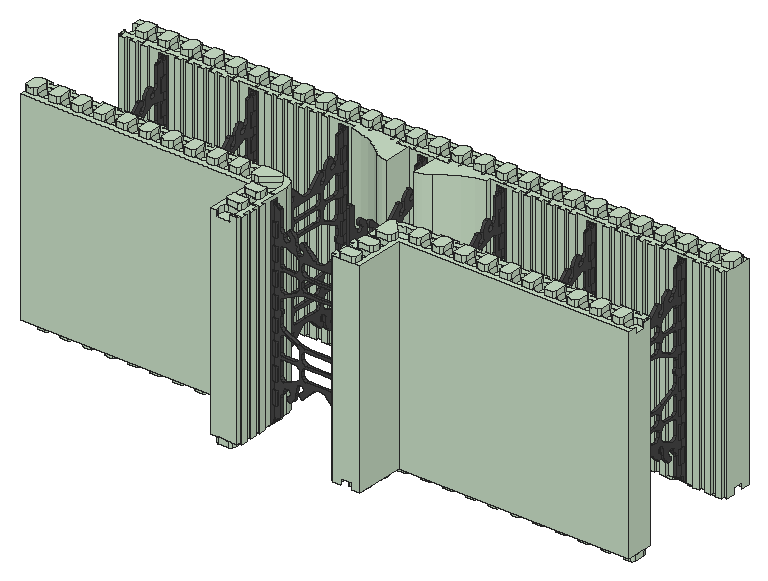
Revit family (continued)
Forms (mm)
  Extrusion 52, void
    sketch origin (50.977, 0.272, 0) x (0, -1, 0) y (1, 0, 0)
      loop
        arc (-96.698, -658.708) -> (-96.199, -658.394) -> (-95.62, -658.285) r 1.588
        line (-95.62, -658.285) -> (-86.829, -658.285) -> (-86.829, -653.946) -> (-92.457, -653.946)
        arc (-92.457, -653.946) -> (-93.668, -653.385) -> (-94.024, -652.1) r 1.588
        arc (-94.024, -652.1) -> (-93.737, -645.691) -> (-94.972, -639.396) r 26.988
        arc (-94.972, -639.396) -> (-97.278, -636.215) -> (-101.014, -635) r 6.35
        line (-101.014, -635) -> (-124.411, -635)
        arc (-124.411, -635) -> (-128.147, -636.215) -> (-130.453, -639.396) r 6.35
    from 457.2 to 444.5
  Extrusion 53, void
    sketch origin (101.777, 0.272, 0) x (0, -1, 0) y (1, 0, 0)
      loop
        arc (-130.453, -639.396) -> (-131.763, -647.7) -> (-130.453, -656.003) r 26.987
        arc (-130.453, -656.003) -> (-128.147, -659.184) -> (-124.411, -660.4) r 6.35
        line (-124.411, -660.4) -> (-101.014, -660.4)
        arc (-101.014, -660.4) -> (-98.696, -659.961) -> (-96.698, -658.708) r 6.35
        arc (-96.698, -658.708) -> (-96.199, -658.394) -> (-95.62, -658.285) r 1.588
        line (-95.62, -658.285) -> (-86.829, -658.285) -> (-86.829, -653.946) -> (-92.457, -653.946)
        arc (-92.457, -653.946) -> (-93.668, -653.385) -> (-94.024, -652.1) r 1.588
        arc (-94.024, -652.1) -> (-93.737, -645.691) -> (-94.972, -639.396) r 26.988
        arc (-94.972, -639.396) -> (-97.278, -636.215) -> (-101.014, -635) r 6.35
        line (-101.014, -635) -> (-124.411, -635)
        arc (-124.411, -635) -> (-128.147, -636.215) -> (-130.453, -639.396) r 6.35
    from 457.2 to 444.5
  Extrusion 54, void
    sketch origin (-914.222, -50.527, 0) x (0, 1, 0) y (-1, 0, 0)
      loop
        arc (-130.453, -639.396) -> (-131.763, -647.7) -> (-130.453, -656.003) r 26.987
        arc (-130.453, -656.003) -> (-128.147, -659.184) -> (-124.411, -660.4) r 6.35
        line (-124.411, -660.4) -> (-101.014, -660.4)
        arc (-101.014, -660.4) -> (-98.696, -659.961) -> (-96.698, -658.708) r 6.35
        arc (-96.698, -658.708) -> (-96.199, -658.394) -> (-95.62, -658.285) r 1.588
        line (-95.62, -658.285) -> (-86.829, -658.285) -> (-86.829, -653.946) -> (-92.457, -653.946)
        arc (-92.457, -653.946) -> (-93.668, -653.385) -> (-94.024, -652.1) r 1.588
        arc (-94.024, -652.1) -> (-93.737, -645.691) -> (-94.972, -639.396) r 26.988
        arc (-94.972, -639.396) -> (-97.278, -636.215) -> (-101.014, -635) r 6.35
        line (-101.014, -635) -> (-124.411, -635)
        arc (-124.411, -635) -> (-128.147, -636.215) -> (-130.453, -639.396) r 6.35
    from 457.2 to 444.5
  Extrusion 55, void
    sketch origin (-965.022, -50.527, 0) x (0, 1, 0) y (-1, 0, 0)
      loop
        arc (-130.453, -639.396) -> (-131.763, -647.7) -> (-130.453, -656.003) r 26.987
        arc (-130.453, -656.003) -> (-128.147, -659.184) -> (-124.411, -660.4) r 6.35
        line (-124.411, -660.4) -> (-101.014, -660.4)
        arc (-101.014, -660.4) -> (-98.696, -659.961) -> (-96.698, -658.708) r 6.35
        arc (-96.698, -658.708) -> (-96.199, -658.394) -> (-95.62, -658.285) r 1.588
        line (-95.62, -658.285) -> (-86.829, -658.285) -> (-86.829, -653.946) -> (-92.457, -653.946)
        arc (-92.457, -653.946) -> (-93.668, -653.385) -> (-94.024, -652.1) r 1.588
        arc (-94.024, -652.1) -> (-93.737, -645.691) -> (-94.972, -639.396) r 26.988
        arc (-94.972, -639.396) -> (-97.278, -636.215) -> (-101.014, -635) r 6.35
        line (-101.014, -635) -> (-124.411, -635)
        arc (-124.411, -635) -> (-128.147, -636.215) -> (-130.453, -639.396) r 6.35
    from 457.2 to 444.5
  Extrusion 56, void
    sketch origin (-1015.822, -50.527, 0) x (0, 1, 0) y (-1, 0, 0)
      loop
        arc (-130.453, -639.396) -> (-131.763, -647.7) -> (-130.453, -656.003) r 26.987
        arc (-130.453, -656.003) -> (-128.147, -659.184) -> (-124.411, -660.4) r 6.35
        line (-124.411, -660.4) -> (-101.014, -660.4)
        arc (-101.014, -660.4) -> (-98.696, -659.961) -> (-96.698, -658.708) r 6.35
        arc (-96.698, -658.708) -> (-96.199, -658.394) -> (-95.62, -658.285) r 1.588
        line (-95.62, -658.285) -> (-86.829, -658.285) -> (-86.829, -653.946) -> (-92.457, -653.946)
        arc (-92.457, -653.946) -> (-93.668, -653.385) -> (-94.024, -652.1) r 1.588
        arc (-94.024, -652.1) -> (-93.737, -645.691) -> (-94.972, -639.396) r 26.988
        arc (-94.972, -639.396) -> (-97.278, -636.215) -> (-101.014, -635) r 6.35
        line (-101.014, -635) -> (-124.411, -635)
        arc (-124.411, -635) -> (-128.147, -636.215) -> (-130.453, -639.396) r 6.35
    from 457.2 to 444.5
  Extrusion 57, void
    sketch origin (-1066.622, -50.527, 0) x (0, 1, 0) y (-1, 0, 0)
      loop
        arc (-130.453, -639.396) -> (-131.763, -647.7) -> (-130.453, -656.003) r 26.987
        arc (-130.453, -656.003) -> (-128.147, -659.184) -> (-124.411, -660.4) r 6.35
        line (-124.411, -660.4) -> (-101.014, -660.4)
        arc (-101.014, -660.4) -> (-98.696, -659.961) -> (-96.698, -658.708) r 6.35
        arc (-96.698, -658.708) -> (-96.199, -658.394) -> (-95.62, -658.285) r 1.588
        line (-95.62, -658.285) -> (-86.829, -658.285) -> (-86.829, -653.946) -> (-92.457, -653.946)
        arc (-92.457, -653.946) -> (-93.668, -653.385) -> (-94.024, -652.1) r 1.588
        arc (-94.024, -652.1) -> (-93.737, -645.691) -> (-94.972, -639.396) r 26.988
        arc (-94.972, -639.396) -> (-97.278, -636.215) -> (-101.014, -635) r 6.35
        line (-101.014, -635) -> (-124.411, -635)
        arc (-124.411, -635) -> (-128.147, -636.215) -> (-130.453, -639.396) r 6.35
    from 457.2 to 444.5
  Extrusion 58, void
    sketch origin (-1117.422, -50.527, 0) x (0, 1, 0) y (-1, 0, 0)
      loop
        arc (-130.453, -639.396) -> (-131.763, -647.7) -> (-130.453, -656.003) r 26.987
        arc (-130.453, -656.003) -> (-128.147, -659.184) -> (-124.411, -660.4) r 6.35
        line (-124.411, -660.4) -> (-101.014, -660.4)
        arc (-101.014, -660.4) -> (-98.696, -659.961) -> (-96.698, -658.708) r 6.35
        arc (-96.698, -658.708) -> (-96.199, -658.394) -> (-95.62, -658.285) r 1.588
        line (-95.62, -658.285) -> (-86.829, -658.285) -> (-86.829, -653.946) -> (-92.457, -653.946)
        arc (-92.457, -653.946) -> (-93.668, -653.385) -> (-94.024, -652.1) r 1.588
        arc (-94.024, -652.1) -> (-93.737, -645.691) -> (-94.972, -639.396) r 26.988
        arc (-94.972, -639.396) -> (-97.278, -636.215) -> (-101.014, -635) r 6.35
        line (-101.014, -635) -> (-124.411, -635)
        arc (-124.411, -635) -> (-128.147, -636.215) -> (-130.453, -639.396) r 6.35
    from 457.2 to 444.5
  Extrusion 59, void
    sketch origin (-1168.222, -50.527, 0) x (0, 1, 0) y (-1, 0, 0)
      loop
        arc (-130.453, -639.396) -> (-131.763, -647.7) -> (-130.453, -656.003) r 26.987
        arc (-130.453, -656.003) -> (-128.147, -659.184) -> (-124.411, -660.4) r 6.35
        line (-124.411, -660.4) -> (-101.014, -660.4)
        arc (-101.014, -660.4) -> (-98.696, -659.961) -> (-96.698, -658.708) r 6.35
        arc (-96.698, -658.708) -> (-96.199, -658.394) -> (-95.62, -658.285) r 1.588
        line (-95.62, -658.285) -> (-86.829, -658.285) -> (-86.829, -653.946) -> (-92.457, -653.946)
        arc (-92.457, -653.946) -> (-93.668, -653.385) -> (-94.024, -652.1) r 1.588
        arc (-94.024, -652.1) -> (-93.737, -645.691) -> (-94.972, -639.396) r 26.988
        arc (-94.972, -639.396) -> (-97.278, -636.215) -> (-101.014, -635) r 6.35
        line (-101.014, -635) -> (-124.411, -635)
        arc (-124.411, -635) -> (-128.147, -636.215) -> (-130.453, -639.396) r 6.35
    from 457.2 to 444.5
  Extrusion 60, void
    sketch origin (-1219.022, -50.527, 0) x (0, 1, 0) y (-1, 0, 0)
      loop
        arc (-130.453, -639.396) -> (-131.763, -647.7) -> (-130.453, -656.003) r 26.987
        arc (-130.453, -656.003) -> (-128.147, -659.184) -> (-124.411, -660.4) r 6.35
        line (-124.411, -660.4) -> (-101.014, -660.4)
        arc (-101.014, -660.4) -> (-98.696, -659.961) -> (-96.698, -658.708) r 6.35
        arc (-96.698, -658.708) -> (-96.199, -658.394) -> (-95.62, -658.285) r 1.588
        line (-95.62, -658.285) -> (-86.829, -658.285) -> (-86.829, -653.946) -> (-92.457, -653.946)
        arc (-92.457, -653.946) -> (-93.668, -653.385) -> (-94.024, -652.1) r 1.588
        arc (-94.024, -652.1) -> (-93.737, -645.691) -> (-94.972, -639.396) r 26.988
        arc (-94.972, -639.396) -> (-97.278, -636.215) -> (-101.014, -635) r 6.35
        line (-101.014, -635) -> (-124.411, -635)
        arc (-124.411, -635) -> (-128.147, -636.215) -> (-130.453, -639.396) r 6.35
    from 457.2 to 444.5
  Extrusion 61, void
    sketch origin (-1269.822, -50.527, 0) x (0, 1, 0) y (-1, 0, 0)
      loop
        arc (-130.453, -639.396) -> (-131.763, -647.7) -> (-130.453, -656.003) r 26.987
        arc (-130.453, -656.003) -> (-128.147, -659.184) -> (-124.411, -660.4) r 6.35
        line (-124.411, -660.4) -> (-101.014, -660.4)
        arc (-101.014, -660.4) -> (-98.696, -659.961) -> (-96.698, -658.708) r 6.35
        arc (-96.698, -658.708) -> (-96.199, -658.394) -> (-95.62, -658.285) r 1.588
        line (-95.62, -658.285) -> (-86.829, -658.285) -> (-86.829, -653.946) -> (-92.457, -653.946)
        arc (-92.457, -653.946) -> (-93.668, -653.385) -> (-94.024, -652.1) r 1.588
        arc (-94.024, -652.1) -> (-93.737, -645.691) -> (-94.972, -639.396) r 26.988
        arc (-94.972, -639.396) -> (-97.278, -636.215) -> (-101.014, -635) r 6.35
        line (-101.014, -635) -> (-124.411, -635)
        arc (-124.411, -635) -> (-128.147, -636.215) -> (-130.453, -639.396) r 6.35
    from 457.2 to 444.5
  Extrusion 62, void
    sketch origin (-304.622, -50.527, 0) x (0, 1, 0) y (-1, 0, 0)
      loop
        arc (-130.453, -639.396) -> (-131.763, -647.7) -> (-130.453, -656.003) r 26.987
        arc (-130.453, -656.003) -> (-128.147, -659.184) -> (-124.411, -660.4) r 6.35
        line (-124.411, -660.4) -> (-101.014, -660.4)
        arc (-101.014, -660.4) -> (-98.696, -659.961) -> (-96.698, -658.708) r 6.35
        arc (-96.698, -658.708) -> (-96.199, -658.394) -> (-95.62, -658.285) r 1.588
        line (-95.62, -658.285) -> (-86.829, -658.285) -> (-86.829, -653.946) -> (-92.457, -653.946)
        arc (-92.457, -653.946) -> (-93.668, -653.385) -> (-94.024, -652.1) r 1.588
        arc (-94.024, -652.1) -> (-93.737, -645.691) -> (-94.972, -639.396) r 26.988
        arc (-94.972, -639.396) -> (-97.278, -636.215) -> (-101.014, -635) r 6.35
        line (-101.014, -635) -> (-124.411, -635)
        arc (-124.411, -635) -> (-128.147, -636.215) -> (-130.453, -639.396) r 6.35
    from 457.2 to 444.5
  Extrusion 63, void
    sketch origin (-253.822, -50.527, 0) x (0, 1, 0) y (-1, 0, 0)
      loop
        arc (-130.453, -639.396) -> (-131.763, -647.7) -> (-130.453, -656.003) r 26.987
        arc (-130.453, -656.003) -> (-128.147, -659.184) -> (-124.411, -660.4) r 6.35
        line (-124.411, -660.4) -> (-101.014, -660.4)
        arc (-101.014, -660.4) -> (-98.696, -659.961) -> (-96.698, -658.708) r 6.35
        arc (-96.698, -658.708) -> (-96.199, -658.394) -> (-95.62, -658.285) r 1.588
        line (-95.62, -658.285) -> (-86.829, -658.285) -> (-86.829, -653.946) -> (-92.457, -653.946)
        arc (-92.457, -653.946) -> (-93.668, -653.385) -> (-94.024, -652.1) r 1.588
        arc (-94.024, -652.1) -> (-93.737, -645.691) -> (-94.972, -639.396) r 26.988
        arc (-94.972, -639.396) -> (-97.278, -636.215) -> (-101.014, -635) r 6.35
        line (-101.014, -635) -> (-124.411, -635)
        arc (-124.411, -635) -> (-128.147, -636.215) -> (-130.453, -639.396) r 6.35
    from 457.2 to 444.5
  Extrusion 64, void
    sketch origin (-203.022, -50.527, 0) x (0, 1, 0) y (-1, 0, 0)
      loop
        arc (-130.453, -639.396) -> (-131.763, -647.7) -> (-130.453, -656.003) r 26.987
        arc (-130.453, -656.003) -> (-128.147, -659.184) -> (-124.411, -660.4) r 6.35
        line (-124.411, -660.4) -> (-101.014, -660.4)
        arc (-101.014, -660.4) -> (-98.696, -659.961) -> (-96.698, -658.708) r 6.35
        arc (-96.698, -658.708) -> (-96.199, -658.394) -> (-95.62, -658.285) r 1.588
        line (-95.62, -658.285) -> (-86.829, -658.285) -> (-86.829, -653.946) -> (-92.457, -653.946)
        arc (-92.457, -653.946) -> (-93.668, -653.385) -> (-94.024, -652.1) r 1.588
        arc (-94.024, -652.1) -> (-93.737, -645.691) -> (-94.972, -639.396) r 26.988
        arc (-94.972, -639.396) -> (-97.278, -636.215) -> (-101.014, -635) r 6.35
        line (-101.014, -635) -> (-124.411, -635)
        arc (-124.411, -635) -> (-128.147, -636.215) -> (-130.453, -639.396) r 6.35
    from 457.2 to 444.5
  Extrusion 65, void
    sketch origin (-152.222, -50.527, 0) x (0, 1, 0) y (-1, 0, 0)
      loop
        arc (-130.453, -639.396) -> (-131.763, -647.7) -> (-130.453, -656.003) r 26.987
        arc (-130.453, -656.003) -> (-128.147, -659.184) -> (-124.411, -660.4) r 6.35
        line (-124.411, -660.4) -> (-101.014, -660.4)
        arc (-101.014, -660.4) -> (-98.696, -659.961) -> (-96.698, -658.708) r 6.35
        arc (-96.698, -658.708) -> (-96.199, -658.394) -> (-95.62, -658.285) r 1.588
        line (-95.62, -658.285) -> (-86.829, -658.285) -> (-86.829, -653.946) -> (-92.457, -653.946)
        arc (-92.457, -653.946) -> (-93.668, -653.385) -> (-94.024, -652.1) r 1.588
        arc (-94.024, -652.1) -> (-93.737, -645.691) -> (-94.972, -639.396) r 26.988
        arc (-94.972, -639.396) -> (-97.278, -636.215) -> (-101.014, -635) r 6.35
        line (-101.014, -635) -> (-124.411, -635)
        arc (-124.411, -635) -> (-128.147, -636.215) -> (-130.453, -639.396) r 6.35
    from 457.2 to 444.5
  Extrusion 66, void
    sketch origin (-101.422, -50.527, 0) x (0, 1, 0) y (-1, 0, 0)
      loop
        arc (-130.453, -639.396) -> (-131.763, -647.7) -> (-130.453, -656.003) r 26.987
        arc (-130.453, -656.003) -> (-128.147, -659.184) -> (-124.411, -660.4) r 6.35
        line (-124.411, -660.4) -> (-101.014, -660.4)
        arc (-101.014, -660.4) -> (-98.696, -659.961) -> (-96.698, -658.708) r 6.35
        arc (-96.698, -658.708) -> (-96.199, -658.394) -> (-95.62, -658.285) r 1.588
        line (-95.62, -658.285) -> (-86.829, -658.285) -> (-86.829, -653.946) -> (-92.457, -653.946)
        arc (-92.457, -653.946) -> (-93.668, -653.385) -> (-94.024, -652.1) r 1.588
        arc (-94.024, -652.1) -> (-93.737, -645.691) -> (-94.972, -639.396) r 26.988
        arc (-94.972, -639.396) -> (-97.278, -636.215) -> (-101.014, -635) r 6.35
        line (-101.014, -635) -> (-124.411, -635)
        arc (-124.411, -635) -> (-128.147, -636.215) -> (-130.453, -639.396) r 6.35
    from 457.2 to 444.5
  Extrusion 67, void
    sketch origin (-50.622, -50.527, 0) x (0, 1, 0) y (-1, 0, 0)
      loop
        arc (-130.453, -639.396) -> (-131.763, -647.7) -> (-130.453, -656.003) r 26.987
        arc (-130.453, -656.003) -> (-128.147, -659.184) -> (-124.411, -660.4) r 6.35
        line (-124.411, -660.4) -> (-101.014, -660.4)
        arc (-101.014, -660.4) -> (-98.696, -659.961) -> (-96.698, -658.708) r 6.35
        arc (-96.698, -658.708) -> (-96.199, -658.394) -> (-95.62, -658.285) r 1.588
        line (-95.62, -658.285) -> (-86.829, -658.285) -> (-86.829, -653.946) -> (-92.457, -653.946)
        arc (-92.457, -653.946) -> (-93.668, -653.385) -> (-94.024, -652.1) r 1.588
        arc (-94.024, -652.1) -> (-93.737, -645.691) -> (-94.972, -639.396) r 26.988
        arc (-94.972, -639.396) -> (-97.278, -636.215) -> (-101.014, -635) r 6.35
        line (-101.014, -635) -> (-124.411, -635)
        arc (-124.411, -635) -> (-128.147, -636.215) -> (-130.453, -639.396) r 6.35
    from 457.2 to 444.5
  Extrusion 68, void
    sketch origin (0.178, -50.527, 0) x (0, 1, 0) y (-1, 0, 0)
      loop
        arc (-130.453, -639.396) -> (-131.763, -647.7) -> (-130.453, -656.003) r 26.987
        arc (-130.453, -656.003) -> (-128.147, -659.184) -> (-124.411, -660.4) r 6.35
        line (-124.411, -660.4) -> (-101.014, -660.4)
        arc (-101.014, -660.4) -> (-98.696, -659.961) -> (-96.698, -658.708) r 6.35
        arc (-96.698, -658.708) -> (-96.199, -658.394) -> (-95.62, -658.285) r 1.588
        line (-95.62, -658.285) -> (-86.829, -658.285) -> (-86.829, -653.946) -> (-92.457, -653.946)
        arc (-92.457, -653.946) -> (-93.668, -653.385) -> (-94.024, -652.1) r 1.588
        arc (-94.024, -652.1) -> (-93.737, -645.691) -> (-94.972, -639.396) r 26.988
        arc (-94.972, -639.396) -> (-97.278, -636.215) -> (-101.014, -635) r 6.35
        line (-101.014, -635) -> (-124.411, -635)
        arc (-124.411, -635) -> (-128.147, -636.215) -> (-130.453, -639.396) r 6.35
    from 457.2 to 444.5
  Extrusion 69, void
    sketch origin (50.978, -50.527, 0) x (0, 1, 0) y (-1, 0, 0)
      loop
        arc (-130.453, -639.396) -> (-131.763, -647.7) -> (-130.453, -656.003) r 26.987
        arc (-130.453, -656.003) -> (-128.147, -659.184) -> (-124.411, -660.4) r 6.35
        line (-124.411, -660.4) -> (-101.014, -660.4)
        arc (-101.014, -660.4) -> (-98.696, -659.961) -> (-96.698, -658.708) r 6.35
        arc (-96.698, -658.708) -> (-96.199, -658.394) -> (-95.62, -658.285) r 1.588
        line (-95.62, -658.285) -> (-86.829, -658.285) -> (-86.829, -653.946) -> (-92.457, -653.946)
        arc (-92.457, -653.946) -> (-93.668, -653.385) -> (-94.024, -652.1) r 1.588
        arc (-94.024, -652.1) -> (-93.737, -645.691) -> (-94.972, -639.396) r 26.988
        arc (-94.972, -639.396) -> (-97.278, -636.215) -> (-101.014, -635) r 6.35
        line (-101.014, -635) -> (-124.411, -635)
        arc (-124.411, -635) -> (-128.147, -636.215) -> (-130.453, -639.396) r 6.35
    from 457.2 to 444.5
  Extrusion 70, void
    sketch origin (965.377, 0.272, 0) x (0, -1, 0) y (1, 0, 0)
      loop
        arc (-130.453, -639.396) -> (-131.763, -647.7) -> (-130.453, -656.003) r 26.987
        arc (-130.453, -656.003) -> (-128.147, -659.184) -> (-124.411, -660.4) r 6.35
        line (-124.411, -660.4) -> (-101.014, -660.4)
        arc (-101.014, -660.4) -> (-98.696, -659.961) -> (-96.698, -658.708) r 6.35
        arc (-96.698, -658.708) -> (-96.199, -658.394) -> (-95.62, -658.285) r 1.588
        line (-95.62, -658.285) -> (-86.829, -658.285) -> (-86.829, -653.946) -> (-92.457, -653.946)
        arc (-92.457, -653.946) -> (-93.668, -653.385) -> (-94.024, -652.1) r 1.588
        arc (-94.024, -652.1) -> (-93.737, -645.691) -> (-94.972, -639.396) r 26.988
        arc (-94.972, -639.396) -> (-97.278, -636.215) -> (-101.014, -635) r 6.35
        line (-101.014, -635) -> (-124.411, -635)
        arc (-124.411, -635) -> (-128.147, -636.215) -> (-130.453, -639.396) r 6.35
    from 457.2 to 444.5
  Extrusion 71, void
    sketch origin (1016.177, 0.272, 0) x (0, -1, 0) y (1, 0, 0)
      loop
        arc (-130.453, -639.396) -> (-131.763, -647.7) -> (-130.453, -656.003) r 26.987
        arc (-130.453, -656.003) -> (-128.147, -659.184) -> (-124.411, -660.4) r 6.35
        line (-124.411, -660.4) -> (-101.014, -660.4)
        arc (-101.014, -660.4) -> (-98.696, -659.961) -> (-96.698, -658.708) r 6.35
        arc (-96.698, -658.708) -> (-96.199, -658.394) -> (-95.62, -658.285) r 1.588
        line (-95.62, -658.285) -> (-86.829, -658.285) -> (-86.829, -653.946) -> (-92.457, -653.946)
        arc (-92.457, -653.946) -> (-93.668, -653.385) -> (-94.024, -652.1) r 1.588
        arc (-94.024, -652.1) -> (-93.737, -645.691) -> (-94.972, -639.396) r 26.988
        arc (-94.972, -639.396) -> (-97.278, -636.215) -> (-101.014, -635) r 6.35
        line (-101.014, -635) -> (-124.411, -635)
        arc (-124.411, -635) -> (-128.147, -636.215) -> (-130.453, -639.396) r 6.35
    from 457.2 to 444.5
  Extrusion 72, void
    sketch origin (1066.977, 0.272, 0) x (0, -1, 0) y (1, 0, 0)
      loop
        arc (-130.453, -639.396) -> (-131.763, -647.7) -> (-130.453, -656.003) r 26.987
        arc (-130.453, -656.003) -> (-128.147, -659.184) -> (-124.411, -660.4) r 6.35
        line (-124.411, -660.4) -> (-101.014, -660.4)
        arc (-101.014, -660.4) -> (-98.696, -659.961) -> (-96.698, -658.708) r 6.35
        arc (-96.698, -658.708) -> (-96.199, -658.394) -> (-95.62, -658.285) r 1.588
        line (-95.62, -658.285) -> (-86.829, -658.285) -> (-86.829, -653.946) -> (-92.457, -653.946)
        arc (-92.457, -653.946) -> (-93.668, -653.385) -> (-94.024, -652.1) r 1.588
        arc (-94.024, -652.1) -> (-93.737, -645.691) -> (-94.972, -639.396) r 26.988
        arc (-94.972, -639.396) -> (-97.278, -636.215) -> (-101.014, -635) r 6.35
        line (-101.014, -635) -> (-124.411, -635)
        arc (-124.411, -635) -> (-128.147, -636.215) -> (-130.453, -639.396) r 6.35
    from 457.2 to 444.5
  Extrusion 73, void
    sketch origin (1117.777, 0.272, 0) x (0, -1, 0) y (1, 0, 0)
      loop
        arc (-130.453, -639.396) -> (-131.763, -647.7) -> (-130.453, -656.003) r 26.987
        arc (-130.453, -656.003) -> (-128.147, -659.184) -> (-124.411, -660.4) r 6.35
        line (-124.411, -660.4) -> (-101.014, -660.4)
        arc (-101.014, -660.4) -> (-98.696, -659.961) -> (-96.698, -658.708) r 6.35
        arc (-96.698, -658.708) -> (-96.199, -658.394) -> (-95.62, -658.285) r 1.588
        line (-95.62, -658.285) -> (-86.829, -658.285) -> (-86.829, -653.946) -> (-92.457, -653.946)
        arc (-92.457, -653.946) -> (-93.668, -653.385) -> (-94.024, -652.1) r 1.588
        arc (-94.024, -652.1) -> (-93.737, -645.691) -> (-94.972, -639.396) r 26.988
        arc (-94.972, -639.396) -> (-97.278, -636.215) -> (-101.014, -635) r 6.35
        line (-101.014, -635) -> (-124.411, -635)
        arc (-124.411, -635) -> (-128.147, -636.215) -> (-130.453, -639.396) r 6.35
    from 457.2 to 444.5
  Extrusion 74, void
    sketch origin (1168.577, 0.272, 0) x (0, -1, 0) y (1, 0, 0)
      loop
        arc (-130.453, -639.396) -> (-131.763, -647.7) -> (-130.453, -656.003) r 26.987
        arc (-130.453, -656.003) -> (-128.147, -659.184) -> (-124.411, -660.4) r 6.35
        line (-124.411, -660.4) -> (-101.014, -660.4)
        arc (-101.014, -660.4) -> (-98.696, -659.961) -> (-96.698, -658.708) r 6.35
        arc (-96.698, -658.708) -> (-96.199, -658.394) -> (-95.62, -658.285) r 1.588
        line (-95.62, -658.285) -> (-86.829, -658.285) -> (-86.829, -653.946) -> (-92.457, -653.946)
        arc (-92.457, -653.946) -> (-93.668, -653.385) -> (-94.024, -652.1) r 1.588
        arc (-94.024, -652.1) -> (-93.737, -645.691) -> (-94.972, -639.396) r 26.988
        arc (-94.972, -639.396) -> (-97.278, -636.215) -> (-101.014, -635) r 6.35
        line (-101.014, -635) -> (-124.411, -635)
        arc (-124.411, -635) -> (-128.147, -636.215) -> (-130.453, -639.396) r 6.35
    from 457.2 to 444.5
  Extrusion 75, void
    sketch origin (1219.377, 0.272, 0) x (0, -1, 0) y (1, 0, 0)
      loop
        arc (-130.453, -639.396) -> (-131.763, -647.7) -> (-130.453, -656.003) r 26.987
        arc (-130.453, -656.003) -> (-128.147, -659.184) -> (-124.411, -660.4) r 6.35
        line (-124.411, -660.4) -> (-101.014, -660.4)
        arc (-101.014, -660.4) -> (-98.696, -659.961) -> (-96.698, -658.708) r 6.35
        arc (-96.698, -658.708) -> (-96.199, -658.394) -> (-95.62, -658.285) r 1.588
        line (-95.62, -658.285) -> (-86.829, -658.285) -> (-86.829, -653.946) -> (-92.457, -653.946)
        arc (-92.457, -653.946) -> (-93.668, -653.385) -> (-94.024, -652.1) r 1.588
        arc (-94.024, -652.1) -> (-93.737, -645.691) -> (-94.972, -639.396) r 26.988
        arc (-94.972, -639.396) -> (-97.278, -636.215) -> (-101.014, -635) r 6.35
        line (-101.014, -635) -> (-124.411, -635)
        arc (-124.411, -635) -> (-128.147, -636.215) -> (-130.453, -639.396) r 6.35
    from 457.2 to 444.5
  Extrusion 76, void
    sketch origin (1270.177, 0.272, 0) x (0, -1, 0) y (1, 0, 0)
      loop
        arc (-130.453, -639.396) -> (-131.763, -647.7) -> (-130.453, -656.003) r 26.987
        arc (-130.453, -656.003) -> (-128.147, -659.184) -> (-124.411, -660.4) r 6.35
        line (-124.411, -660.4) -> (-101.014, -660.4)
        arc (-101.014, -660.4) -> (-98.696, -659.961) -> (-96.698, -658.708) r 6.35
        arc (-96.698, -658.708) -> (-96.199, -658.394) -> (-95.62, -658.285) r 1.588
        line (-95.62, -658.285) -> (-86.829, -658.285) -> (-86.829, -653.946) -> (-92.457, -653.946)
        arc (-92.457, -653.946) -> (-93.668, -653.385) -> (-94.024, -652.1) r 1.588
        arc (-94.024, -652.1) -> (-93.737, -645.691) -> (-94.972, -639.396) r 26.988
        arc (-94.972, -639.396) -> (-97.278, -636.215) -> (-101.014, -635) r 6.35
        line (-101.014, -635) -> (-124.411, -635)
        arc (-124.411, -635) -> (-128.147, -636.215) -> (-130.453, -639.396) r 6.35
    from 457.2 to 444.5
  Extrusion 77, void
    sketch origin (914.577, 0.272, 0) x (0, -1, 0) y (1, 0, 0)
      loop
        arc (-130.453, -639.396) -> (-131.763, -647.7) -> (-130.453, -656.003) r 26.987
        arc (-130.453, -656.003) -> (-128.147, -659.184) -> (-124.411, -660.4) r 6.35
        line (-124.411, -660.4) -> (-101.014, -660.4)
        arc (-101.014, -660.4) -> (-98.696, -659.961) -> (-96.698, -658.708) r 6.35
        arc (-96.698, -658.708) -> (-96.199, -658.394) -> (-95.62, -658.285) r 1.588
        line (-95.62, -658.285) -> (-86.829, -658.285) -> (-86.829, -653.946) -> (-92.457, -653.946)
        arc (-92.457, -653.946) -> (-93.668, -653.385) -> (-94.024, -652.1) r 1.588
        arc (-94.024, -652.1) -> (-93.737, -645.691) -> (-94.972, -639.396) r 26.988
        arc (-94.972, -639.396) -> (-97.278, -636.215) -> (-101.014, -635) r 6.35
        line (-101.014, -635) -> (-124.411, -635)
        arc (-124.411, -635) -> (-128.147, -636.215) -> (-130.453, -639.396) r 6.35
    from 457.2 to 444.5
  Extrusion 78, void
    sketch origin (355.777, -50.527, 0) x (0, 1, 0) y (-1, 0, 0)
      loop
        arc (-130.453, 639.396) -> (-128.147, 636.215) -> (-124.411, 635) r 6.35
        line (-124.411, 635) -> (-101.014, 635)
        arc (-101.014, 635) -> (-97.278, 636.215) -> (-94.972, 639.396) r 6.35
        arc (-94.972, 639.396) -> (-93.737, 645.691) -> (-94.024, 652.1) r 26.988
        arc (-94.024, 652.1) -> (-93.668, 653.385) -> (-92.457, 653.946) r 1.588
        line (-92.457, 653.946) -> (-86.829, 653.946) -> (-86.829, 658.285) -> (-95.62, 658.285)
        arc (-95.62, 658.285) -> (-96.199, 658.394) -> (-96.698, 658.708) r 1.588
        arc (-96.698, 658.708) -> (-98.696, 659.961) -> (-101.014, 660.4) r 6.35
        line (-101.014, 660.4) -> (-124.411, 660.4)
        arc (-124.411, 660.4) -> (-128.147, 659.184) -> (-130.453, 656.003) r 6.35
        arc (-130.453, 656.003) -> (-131.763, 647.7) -> (-130.453, 639.396) r 26.987
    from 0 to 12.7
  Extrusion 79, void
    sketch origin (304.977, -50.527, 0) x (0, 1, 0) y (-1, 0, 0)
      loop
        arc (-130.453, 639.396) -> (-128.147, 636.215) -> (-124.411, 635) r 6.35
        line (-124.411, 635) -> (-101.014, 635)
        arc (-101.014, 635) -> (-97.278, 636.215) -> (-94.972, 639.396) r 6.35
        arc (-94.972, 639.396) -> (-93.737, 645.691) -> (-94.024, 652.1) r 26.988
        arc (-94.024, 652.1) -> (-93.668, 653.385) -> (-92.457, 653.946) r 1.588
        line (-92.457, 653.946) -> (-86.829, 653.946) -> (-86.829, 658.285) -> (-95.62, 658.285)
        arc (-95.62, 658.285) -> (-96.199, 658.394) -> (-96.698, 658.708) r 1.588
        arc (-96.698, 658.708) -> (-98.696, 659.961) -> (-101.014, 660.4) r 6.35
        line (-101.014, 660.4) -> (-124.411, 660.4)
        arc (-124.411, 660.4) -> (-128.147, 659.184) -> (-130.453, 656.003) r 6.35
        arc (-130.453, 656.003) -> (-131.763, 647.7) -> (-130.453, 639.396) r 26.987
    from 0 to 12.7
  Extrusion 80, void
    sketch origin (254.177, -50.527, 0) x (0, 1, 0) y (-1, 0, 0)
      loop
        arc (-130.453, 639.396) -> (-128.147, 636.215) -> (-124.411, 635) r 6.35
        line (-124.411, 635) -> (-101.014, 635)
        arc (-101.014, 635) -> (-97.278, 636.215) -> (-94.972, 639.396) r 6.35
        arc (-94.972, 639.396) -> (-93.737, 645.691) -> (-94.024, 652.1) r 26.988
        arc (-94.024, 652.1) -> (-93.668, 653.385) -> (-92.457, 653.946) r 1.588
        line (-92.457, 653.946) -> (-86.829, 653.946) -> (-86.829, 658.285) -> (-95.62, 658.285)
        arc (-95.62, 658.285) -> (-96.199, 658.394) -> (-96.698, 658.708) r 1.588
        arc (-96.698, 658.708) -> (-98.696, 659.961) -> (-101.014, 660.4) r 6.35
        line (-101.014, 660.4) -> (-124.411, 660.4)
        arc (-124.411, 660.4) -> (-128.147, 659.184) -> (-130.453, 656.003) r 6.35
        arc (-130.453, 656.003) -> (-131.763, 647.7) -> (-130.453, 639.396) r 26.987
    from 0 to 12.7
  Extrusion 81, void
    sketch origin (203.377, -50.527, 0) x (0, 1, 0) y (-1, 0, 0)
      loop
        arc (-130.453, 639.396) -> (-128.147, 636.215) -> (-124.411, 635) r 6.35
        line (-124.411, 635) -> (-101.014, 635)
        arc (-101.014, 635) -> (-97.278, 636.215) -> (-94.972, 639.396) r 6.35
        arc (-94.972, 639.396) -> (-93.737, 645.691) -> (-94.024, 652.1) r 26.988
        arc (-94.024, 652.1) -> (-93.668, 653.385) -> (-92.457, 653.946) r 1.588
        line (-92.457, 653.946) -> (-86.829, 653.946) -> (-86.829, 658.285) -> (-95.62, 658.285)
        arc (-95.62, 658.285) -> (-96.199, 658.394) -> (-96.698, 658.708) r 1.588
        arc (-96.698, 658.708) -> (-98.696, 659.961) -> (-101.014, 660.4) r 6.35
        line (-101.014, 660.4) -> (-124.411, 660.4)
        arc (-124.411, 660.4) -> (-128.147, 659.184) -> (-130.453, 656.003) r 6.35
        arc (-130.453, 656.003) -> (-131.763, 647.7) -> (-130.453, 639.396) r 26.987
    from 0 to 12.7
  Extrusion 82, void
    sketch origin (152.577, -50.527, 0) x (0, 1, 0) y (-1, 0, 0)
      loop
        arc (-130.453, 639.396) -> (-128.147, 636.215) -> (-124.411, 635) r 6.35
        line (-124.411, 635) -> (-101.014, 635)
        arc (-101.014, 635) -> (-97.278, 636.215) -> (-94.972, 639.396) r 6.35
        arc (-94.972, 639.396) -> (-93.737, 645.691) -> (-94.024, 652.1) r 26.988
        arc (-94.024, 652.1) -> (-93.668, 653.385) -> (-92.457, 653.946) r 1.588
        line (-92.457, 653.946) -> (-86.829, 653.946) -> (-86.829, 658.285) -> (-95.62, 658.285)
        arc (-95.62, 658.285) -> (-96.199, 658.394) -> (-96.698, 658.708) r 1.588
        arc (-96.698, 658.708) -> (-98.696, 659.961) -> (-101.014, 660.4) r 6.35
        line (-101.014, 660.4) -> (-124.411, 660.4)
        arc (-124.411, 660.4) -> (-128.147, 659.184) -> (-130.453, 656.003) r 6.35
        arc (-130.453, 656.003) -> (-131.763, 647.7) -> (-130.453, 639.396) r 26.987
    from 0 to 12.7
  Extrusion 83, void
    sketch origin (101.777, -50.527, 0) x (0, 1, 0) y (-1, 0, 0)
      loop
        arc (-130.453, 639.396) -> (-128.147, 636.215) -> (-124.411, 635) r 6.35
        line (-124.411, 635) -> (-101.014, 635)
        arc (-101.014, 635) -> (-97.278, 636.215) -> (-94.972, 639.396) r 6.35
        arc (-94.972, 639.396) -> (-93.737, 645.691) -> (-94.024, 652.1) r 26.988
        arc (-94.024, 652.1) -> (-93.668, 653.385) -> (-92.457, 653.946) r 1.588
        line (-92.457, 653.946) -> (-86.829, 653.946) -> (-86.829, 658.285) -> (-95.62, 658.285)
        arc (-95.62, 658.285) -> (-96.199, 658.394) -> (-96.698, 658.708) r 1.588
        arc (-96.698, 658.708) -> (-98.696, 659.961) -> (-101.014, 660.4) r 6.35
        line (-101.014, 660.4) -> (-124.411, 660.4)
        arc (-124.411, 660.4) -> (-128.147, 659.184) -> (-130.453, 656.003) r 6.35
        arc (-130.453, 656.003) -> (-131.763, 647.7) -> (-130.453, 639.396) r 26.987
    from 0 to 12.7
  Extrusion 84, void
    sketch origin (50.977, -50.527, 0) x (0, 1, 0) y (-1, 0, 0)
      loop
        arc (-130.453, 639.396) -> (-128.147, 636.215) -> (-124.411, 635) r 6.35
        line (-124.411, 635) -> (-101.014, 635)
        arc (-101.014, 635) -> (-97.278, 636.215) -> (-94.972, 639.396) r 6.35
        arc (-94.972, 639.396) -> (-93.737, 645.691) -> (-94.024, 652.1) r 26.988
        arc (-94.024, 652.1) -> (-93.668, 653.385) -> (-92.457, 653.946) r 1.588
        line (-92.457, 653.946) -> (-86.829, 653.946) -> (-86.829, 658.285) -> (-95.62, 658.285)
        arc (-95.62, 658.285) -> (-96.199, 658.394) -> (-96.698, 658.708) r 1.588
        arc (-96.698, 658.708) -> (-98.696, 659.961) -> (-101.014, 660.4) r 6.35
        line (-101.014, 660.4) -> (-124.411, 660.4)
        arc (-124.411, 660.4) -> (-128.147, 659.184) -> (-130.453, 656.003) r 6.35
        arc (-130.453, 656.003) -> (-131.763, 647.7) -> (-130.453, 639.396) r 26.987
    from 0 to 12.7
  Extrusion 85, void
    sketch origin (0.177, -50.527, 0) x (0, 1, 0) y (-1, 0, 0)
      loop
        arc (-130.453, 639.396) -> (-128.147, 636.215) -> (-124.411, 635) r 6.35
        line (-124.411, 635) -> (-101.014, 635)
        arc (-101.014, 635) -> (-97.278, 636.215) -> (-94.972, 639.396) r 6.35
        arc (-94.972, 639.396) -> (-93.737, 645.691) -> (-94.024, 652.1) r 26.988
        arc (-94.024, 652.1) -> (-93.668, 653.385) -> (-92.457, 653.946) r 1.588
        line (-92.457, 653.946) -> (-86.829, 653.946) -> (-86.829, 658.285) -> (-95.62, 658.285)
        arc (-95.62, 658.285) -> (-96.199, 658.394) -> (-96.698, 658.708) r 1.588
        arc (-96.698, 658.708) -> (-98.696, 659.961) -> (-101.014, 660.4) r 6.35
        line (-101.014, 660.4) -> (-124.411, 660.4)
        arc (-124.411, 660.4) -> (-128.147, 659.184) -> (-130.453, 656.003) r 6.35
        arc (-130.453, 656.003) -> (-131.763, 647.7) -> (-130.453, 639.396) r 26.987
    from 0 to 12.7
  Extrusion 86, void
    sketch origin (965.377, -50.527, 0) x (0, 1, 0) y (-1, 0, 0)
      loop
        arc (-130.453, 639.396) -> (-128.147, 636.215) -> (-124.411, 635) r 6.35
        line (-124.411, 635) -> (-101.014, 635)
        arc (-101.014, 635) -> (-97.278, 636.215) -> (-94.972, 639.396) r 6.35
        arc (-94.972, 639.396) -> (-93.737, 645.691) -> (-94.024, 652.1) r 26.988
        arc (-94.024, 652.1) -> (-93.668, 653.385) -> (-92.457, 653.946) r 1.588
        line (-92.457, 653.946) -> (-86.829, 653.946) -> (-86.829, 658.285) -> (-95.62, 658.285)
        arc (-95.62, 658.285) -> (-96.199, 658.394) -> (-96.698, 658.708) r 1.588
        arc (-96.698, 658.708) -> (-98.696, 659.961) -> (-101.014, 660.4) r 6.35
        line (-101.014, 660.4) -> (-124.411, 660.4)
        arc (-124.411, 660.4) -> (-128.147, 659.184) -> (-130.453, 656.003) r 6.35
        arc (-130.453, 656.003) -> (-131.763, 647.7) -> (-130.453, 639.396) r 26.987
    from 0 to 12.7
  Extrusion 87, void
    sketch origin (1016.177, -50.527, 0) x (0, 1, 0) y (-1, 0, 0)
      loop
        arc (-130.453, 639.396) -> (-128.147, 636.215) -> (-124.411, 635) r 6.35
        line (-124.411, 635) -> (-101.014, 635)
        arc (-101.014, 635) -> (-97.278, 636.215) -> (-94.972, 639.396) r 6.35
        arc (-94.972, 639.396) -> (-93.737, 645.691) -> (-94.024, 652.1) r 26.988
        arc (-94.024, 652.1) -> (-93.668, 653.385) -> (-92.457, 653.946) r 1.588
        line (-92.457, 653.946) -> (-86.829, 653.946) -> (-86.829, 658.285) -> (-95.62, 658.285)
        arc (-95.62, 658.285) -> (-96.199, 658.394) -> (-96.698, 658.708) r 1.588
        arc (-96.698, 658.708) -> (-98.696, 659.961) -> (-101.014, 660.4) r 6.35
        line (-101.014, 660.4) -> (-124.411, 660.4)
        arc (-124.411, 660.4) -> (-128.147, 659.184) -> (-130.453, 656.003) r 6.35
        arc (-130.453, 656.003) -> (-131.763, 647.7) -> (-130.453, 639.396) r 26.987
    from 0 to 12.7
  Extrusion 88, void
    sketch origin (1066.977, -50.527, 0) x (0, 1, 0) y (-1, 0, 0)
      loop
        arc (-130.453, 639.396) -> (-128.147, 636.215) -> (-124.411, 635) r 6.35
        line (-124.411, 635) -> (-101.014, 635)
        arc (-101.014, 635) -> (-97.278, 636.215) -> (-94.972, 639.396) r 6.35
        arc (-94.972, 639.396) -> (-93.737, 645.691) -> (-94.024, 652.1) r 26.988
        arc (-94.024, 652.1) -> (-93.668, 653.385) -> (-92.457, 653.946) r 1.588
        line (-92.457, 653.946) -> (-86.829, 653.946) -> (-86.829, 658.285) -> (-95.62, 658.285)
        arc (-95.62, 658.285) -> (-96.199, 658.394) -> (-96.698, 658.708) r 1.588
        arc (-96.698, 658.708) -> (-98.696, 659.961) -> (-101.014, 660.4) r 6.35
        line (-101.014, 660.4) -> (-124.411, 660.4)
        arc (-124.411, 660.4) -> (-128.147, 659.184) -> (-130.453, 656.003) r 6.35
        arc (-130.453, 656.003) -> (-131.763, 647.7) -> (-130.453, 639.396) r 26.987
    from 0 to 12.7
  Extrusion 89, void
    sketch origin (1117.777, -50.527, 0) x (0, 1, 0) y (-1, 0, 0)
      loop
        arc (-130.453, 639.396) -> (-128.147, 636.215) -> (-124.411, 635) r 6.35
        line (-124.411, 635) -> (-101.014, 635)
        arc (-101.014, 635) -> (-97.278, 636.215) -> (-94.972, 639.396) r 6.35
        arc (-94.972, 639.396) -> (-93.737, 645.691) -> (-94.024, 652.1) r 26.988
        arc (-94.024, 652.1) -> (-93.668, 653.385) -> (-92.457, 653.946) r 1.588
        line (-92.457, 653.946) -> (-86.829, 653.946) -> (-86.829, 658.285) -> (-95.62, 658.285)
        arc (-95.62, 658.285) -> (-96.199, 658.394) -> (-96.698, 658.708) r 1.588
        arc (-96.698, 658.708) -> (-98.696, 659.961) -> (-101.014, 660.4) r 6.35
        line (-101.014, 660.4) -> (-124.411, 660.4)
        arc (-124.411, 660.4) -> (-128.147, 659.184) -> (-130.453, 656.003) r 6.35
        arc (-130.453, 656.003) -> (-131.763, 647.7) -> (-130.453, 639.396) r 26.987
    from 0 to 12.7
  Extrusion 90, void
    sketch origin (1168.577, -50.527, 0) x (0, 1, 0) y (-1, 0, 0)
      loop
        arc (-130.453, 639.396) -> (-128.147, 636.215) -> (-124.411, 635) r 6.35
        line (-124.411, 635) -> (-101.014, 635)
        arc (-101.014, 635) -> (-97.278, 636.215) -> (-94.972, 639.396) r 6.35
        arc (-94.972, 639.396) -> (-93.737, 645.691) -> (-94.024, 652.1) r 26.988
        arc (-94.024, 652.1) -> (-93.668, 653.385) -> (-92.457, 653.946) r 1.588
        line (-92.457, 653.946) -> (-86.829, 653.946) -> (-86.829, 658.285) -> (-95.62, 658.285)
        arc (-95.62, 658.285) -> (-96.199, 658.394) -> (-96.698, 658.708) r 1.588
        arc (-96.698, 658.708) -> (-98.696, 659.961) -> (-101.014, 660.4) r 6.35
        line (-101.014, 660.4) -> (-124.411, 660.4)
        arc (-124.411, 660.4) -> (-128.147, 659.184) -> (-130.453, 656.003) r 6.35
        arc (-130.453, 656.003) -> (-131.763, 647.7) -> (-130.453, 639.396) r 26.987
    from 0 to 12.7
  Extrusion 91, void
    sketch origin (1219.377, -50.527, 0) x (0, 1, 0) y (-1, 0, 0)
      loop
        arc (-130.453, 639.396) -> (-128.147, 636.215) -> (-124.411, 635) r 6.35
        line (-124.411, 635) -> (-101.014, 635)
        arc (-101.014, 635) -> (-97.278, 636.215) -> (-94.972, 639.396) r 6.35
        arc (-94.972, 639.396) -> (-93.737, 645.691) -> (-94.024, 652.1) r 26.988
        arc (-94.024, 652.1) -> (-93.668, 653.385) -> (-92.457, 653.946) r 1.588
        line (-92.457, 653.946) -> (-86.829, 653.946) -> (-86.829, 658.285) -> (-95.62, 658.285)
        arc (-95.62, 658.285) -> (-96.199, 658.394) -> (-96.698, 658.708) r 1.588
        arc (-96.698, 658.708) -> (-98.696, 659.961) -> (-101.014, 660.4) r 6.35
        line (-101.014, 660.4) -> (-124.411, 660.4)
        arc (-124.411, 660.4) -> (-128.147, 659.184) -> (-130.453, 656.003) r 6.35
        arc (-130.453, 656.003) -> (-131.763, 647.7) -> (-130.453, 639.396) r 26.987
    from 0 to 12.7
  Extrusion 92, void
    sketch origin (1270.177, -50.527, 0) x (0, 1, 0) y (-1, 0, 0)
      loop
        arc (-130.453, 639.396) -> (-128.147, 636.215) -> (-124.411, 635) r 6.35
        line (-124.411, 635) -> (-101.014, 635)
        arc (-101.014, 635) -> (-97.278, 636.215) -> (-94.972, 639.396) r 6.35
        arc (-94.972, 639.396) -> (-93.737, 645.691) -> (-94.024, 652.1) r 26.988
        arc (-94.024, 652.1) -> (-93.668, 653.385) -> (-92.457, 653.946) r 1.588
        line (-92.457, 653.946) -> (-86.829, 653.946) -> (-86.829, 658.285) -> (-95.62, 658.285)
        arc (-95.62, 658.285) -> (-96.199, 658.394) -> (-96.698, 658.708) r 1.588
        arc (-96.698, 658.708) -> (-98.696, 659.961) -> (-101.014, 660.4) r 6.35
        line (-101.014, 660.4) -> (-124.411, 660.4)
        arc (-124.411, 660.4) -> (-128.147, 659.184) -> (-130.453, 656.003) r 6.35
        arc (-130.453, 656.003) -> (-131.763, 647.7) -> (-130.453, 639.396) r 26.987
    from 0 to 12.7
  Extrusion 93, void
    sketch origin (1320.977, -50.527, 0) x (0, 1, 0) y (-1, 0, 0)
      loop
        arc (-130.453, 639.396) -> (-128.147, 636.215) -> (-124.411, 635) r 6.35
        line (-124.411, 635) -> (-101.014, 635)
        arc (-101.014, 635) -> (-97.278, 636.215) -> (-94.972, 639.396) r 6.35
        arc (-94.972, 639.396) -> (-93.737, 645.691) -> (-94.024, 652.1) r 26.988
        arc (-94.024, 652.1) -> (-93.668, 653.385) -> (-92.457, 653.946) r 1.588
        line (-92.457, 653.946) -> (-86.829, 653.946) -> (-86.829, 658.285) -> (-95.62, 658.285)
        arc (-95.62, 658.285) -> (-96.199, 658.394) -> (-96.698, 658.708) r 1.588
        arc (-96.698, 658.708) -> (-98.696, 659.961) -> (-101.014, 660.4) r 6.35
        line (-101.014, 660.4) -> (-124.411, 660.4)
        arc (-124.411, 660.4) -> (-128.147, 659.184) -> (-130.453, 656.003) r 6.35
        arc (-130.453, 656.003) -> (-131.763, 647.7) -> (-130.453, 639.396) r 26.987
    from 0 to 12.7
  Extrusion 94, void
    sketch origin (-355.422, 0.272, 0) x (0, -1, 0) y (1, 0, 0)
      loop
        arc (-130.453, 639.396) -> (-128.147, 636.215) -> (-124.411, 635) r 6.35
        line (-124.411, 635) -> (-101.014, 635)
        arc (-101.014, 635) -> (-97.278, 636.215) -> (-94.972, 639.396) r 6.35
        arc (-94.972, 639.396) -> (-93.737, 645.691) -> (-94.024, 652.1) r 26.988
        arc (-94.024, 652.1) -> (-93.668, 653.385) -> (-92.457, 653.946) r 1.588
        line (-92.457, 653.946) -> (-86.829, 653.946) -> (-86.829, 658.285) -> (-95.62, 658.285)
        arc (-95.62, 658.285) -> (-96.199, 658.394) -> (-96.698, 658.708) r 1.588
        arc (-96.698, 658.708) -> (-98.696, 659.961) -> (-101.014, 660.4) r 6.35
        line (-101.014, 660.4) -> (-124.411, 660.4)
        arc (-124.411, 660.4) -> (-128.147, 659.184) -> (-130.453, 656.003) r 6.35
        arc (-130.453, 656.003) -> (-131.763, 647.7) -> (-130.453, 639.396) r 26.987
    from 0 to 12.7
  Extrusion 95, void
    sketch origin (-304.622, 0.272, 0) x (0, -1, 0) y (1, 0, 0)
      loop
        arc (-130.453, 639.396) -> (-128.147, 636.215) -> (-124.411, 635) r 6.35
        line (-124.411, 635) -> (-101.014, 635)
        arc (-101.014, 635) -> (-97.278, 636.215) -> (-94.972, 639.396) r 6.35
        arc (-94.972, 639.396) -> (-93.737, 645.691) -> (-94.024, 652.1) r 26.988
        arc (-94.024, 652.1) -> (-93.668, 653.385) -> (-92.457, 653.946) r 1.588
        line (-92.457, 653.946) -> (-86.829, 653.946) -> (-86.829, 658.285) -> (-95.62, 658.285)
        arc (-95.62, 658.285) -> (-96.199, 658.394) -> (-96.698, 658.708) r 1.588
        arc (-96.698, 658.708) -> (-98.696, 659.961) -> (-101.014, 660.4) r 6.35
        line (-101.014, 660.4) -> (-124.411, 660.4)
        arc (-124.411, 660.4) -> (-128.147, 659.184) -> (-130.453, 656.003) r 6.35
        arc (-130.453, 656.003) -> (-131.763, 647.7) -> (-130.453, 639.396) r 26.987
    from 0 to 12.7
  Extrusion 96, void
    sketch origin (-253.822, 0.272, 0) x (0, -1, 0) y (1, 0, 0)
      loop
        arc (-130.453, 639.396) -> (-128.147, 636.215) -> (-124.411, 635) r 6.35
        line (-124.411, 635) -> (-101.014, 635)
        arc (-101.014, 635) -> (-97.278, 636.215) -> (-94.972, 639.396) r 6.35
        arc (-94.972, 639.396) -> (-93.737, 645.691) -> (-94.024, 652.1) r 26.988
        arc (-94.024, 652.1) -> (-93.668, 653.385) -> (-92.457, 653.946) r 1.588
        line (-92.457, 653.946) -> (-86.829, 653.946) -> (-86.829, 658.285) -> (-95.62, 658.285)
        arc (-95.62, 658.285) -> (-96.199, 658.394) -> (-96.698, 658.708) r 1.588
        arc (-96.698, 658.708) -> (-98.696, 659.961) -> (-101.014, 660.4) r 6.35
        line (-101.014, 660.4) -> (-124.411, 660.4)
        arc (-124.411, 660.4) -> (-128.147, 659.184) -> (-130.453, 656.003) r 6.35
        arc (-130.453, 656.003) -> (-131.763, 647.7) -> (-130.453, 639.396) r 26.987
    from 0 to 12.7
  Extrusion 97, void
    sketch origin (-203.022, 0.272, 0) x (0, -1, 0) y (1, 0, 0)
      loop
        arc (-130.453, 639.396) -> (-128.147, 636.215) -> (-124.411, 635) r 6.35
        line (-124.411, 635) -> (-101.014, 635)
        arc (-101.014, 635) -> (-97.278, 636.215) -> (-94.972, 639.396) r 6.35
        arc (-94.972, 639.396) -> (-93.737, 645.691) -> (-94.024, 652.1) r 26.988
        arc (-94.024, 652.1) -> (-93.668, 653.385) -> (-92.457, 653.946) r 1.588
        line (-92.457, 653.946) -> (-86.829, 653.946) -> (-86.829, 658.285) -> (-95.62, 658.285)
        arc (-95.62, 658.285) -> (-96.199, 658.394) -> (-96.698, 658.708) r 1.588
        arc (-96.698, 658.708) -> (-98.696, 659.961) -> (-101.014, 660.4) r 6.35
        line (-101.014, 660.4) -> (-124.411, 660.4)
        arc (-124.411, 660.4) -> (-128.147, 659.184) -> (-130.453, 656.003) r 6.35
        arc (-130.453, 656.003) -> (-131.763, 647.7) -> (-130.453, 639.396) r 26.987
    from 0 to 12.7
  Extrusion 98, void
    sketch origin (-152.222, 0.272, 0) x (0, -1, 0) y (1, 0, 0)
      loop
        arc (-130.453, 639.396) -> (-128.147, 636.215) -> (-124.411, 635) r 6.35
        line (-124.411, 635) -> (-101.014, 635)
        arc (-101.014, 635) -> (-97.278, 636.215) -> (-94.972, 639.396) r 6.35
        arc (-94.972, 639.396) -> (-93.737, 645.691) -> (-94.024, 652.1) r 26.988
        arc (-94.024, 652.1) -> (-93.668, 653.385) -> (-92.457, 653.946) r 1.588
        line (-92.457, 653.946) -> (-86.829, 653.946) -> (-86.829, 658.285) -> (-95.62, 658.285)
        arc (-95.62, 658.285) -> (-96.199, 658.394) -> (-96.698, 658.708) r 1.588
        arc (-96.698, 658.708) -> (-98.696, 659.961) -> (-101.014, 660.4) r 6.35
        line (-101.014, 660.4) -> (-124.411, 660.4)
        arc (-124.411, 660.4) -> (-128.147, 659.184) -> (-130.453, 656.003) r 6.35
        arc (-130.453, 656.003) -> (-131.763, 647.7) -> (-130.453, 639.396) r 26.987
    from 0 to 12.7
  Extrusion 99, void
    sketch origin (-101.422, 0.272, 0) x (0, -1, 0) y (1, 0, 0)
      loop
        arc (-130.453, 639.396) -> (-128.147, 636.215) -> (-124.411, 635) r 6.35
        line (-124.411, 635) -> (-101.014, 635)
        arc (-101.014, 635) -> (-97.278, 636.215) -> (-94.972, 639.396) r 6.35
        arc (-94.972, 639.396) -> (-93.737, 645.691) -> (-94.024, 652.1) r 26.988
        arc (-94.024, 652.1) -> (-93.668, 653.385) -> (-92.457, 653.946) r 1.588
        line (-92.457, 653.946) -> (-86.829, 653.946) -> (-86.829, 658.285) -> (-95.62, 658.285)
        arc (-95.62, 658.285) -> (-96.199, 658.394) -> (-96.698, 658.708) r 1.588
        arc (-96.698, 658.708) -> (-98.696, 659.961) -> (-101.014, 660.4) r 6.35
        line (-101.014, 660.4) -> (-124.411, 660.4)
        arc (-124.411, 660.4) -> (-128.147, 659.184) -> (-130.453, 656.003) r 6.35
        arc (-130.453, 656.003) -> (-131.763, 647.7) -> (-130.453, 639.396) r 26.987
    from 0 to 12.7
  Extrusion 100, void
    sketch origin (-50.622, 0.272, 0) x (0, -1, 0) y (1, 0, 0)
      loop
        arc (-130.453, 639.396) -> (-128.147, 636.215) -> (-124.411, 635) r 6.35
        line (-124.411, 635) -> (-101.014, 635)
        arc (-101.014, 635) -> (-97.278, 636.215) -> (-94.972, 639.396) r 6.35
        arc (-94.972, 639.396) -> (-93.737, 645.691) -> (-94.024, 652.1) r 26.988
        arc (-94.024, 652.1) -> (-93.668, 653.385) -> (-92.457, 653.946) r 1.588
        line (-92.457, 653.946) -> (-86.829, 653.946) -> (-86.829, 658.285) -> (-95.62, 658.285)
        arc (-95.62, 658.285) -> (-96.199, 658.394) -> (-96.698, 658.708) r 1.588
        arc (-96.698, 658.708) -> (-98.696, 659.961) -> (-101.014, 660.4) r 6.35
        line (-101.014, 660.4) -> (-124.411, 660.4)
        arc (-124.411, 660.4) -> (-128.147, 659.184) -> (-130.453, 656.003) r 6.35
        arc (-130.453, 656.003) -> (-131.763, 647.7) -> (-130.453, 639.396) r 26.987
    from 0 to 12.7
  Extrusion 101, void
    sketch origin (0.178, 0.272, 0) x (0, -1, 0) y (1, 0, 0)
      loop
        arc (-130.453, 639.396) -> (-128.147, 636.215) -> (-124.411, 635) r 6.35
        line (-124.411, 635) -> (-101.014, 635)
        arc (-101.014, 635) -> (-97.278, 636.215) -> (-94.972, 639.396) r 6.35
        arc (-94.972, 639.396) -> (-93.737, 645.691) -> (-94.024, 652.1) r 26.988
        arc (-94.024, 652.1) -> (-93.668, 653.385) -> (-92.457, 653.946) r 1.588
        line (-92.457, 653.946) -> (-86.829, 653.946) -> (-86.829, 658.285) -> (-95.62, 658.285)
        arc (-95.62, 658.285) -> (-96.199, 658.394) -> (-96.698, 658.708) r 1.588
        arc (-96.698, 658.708) -> (-98.696, 659.961) -> (-101.014, 660.4) r 6.35
        line (-101.014, 660.4) -> (-124.411, 660.4)
        arc (-124.411, 660.4) -> (-128.147, 659.184) -> (-130.453, 656.003) r 6.35
        arc (-130.453, 656.003) -> (-131.763, 647.7) -> (-130.453, 639.396) r 26.987
    from 0 to 12.7
  Extrusion 102, void
    sketch origin (-1269.822, 0.272, 0) x (0, -1, 0) y (1, 0, 0)
      loop
        arc (-130.453, 639.396) -> (-128.147, 636.215) -> (-124.411, 635) r 6.35
        line (-124.411, 635) -> (-101.014, 635)
        arc (-101.014, 635) -> (-97.278, 636.215) -> (-94.972, 639.396) r 6.35
        arc (-94.972, 639.396) -> (-93.737, 645.691) -> (-94.024, 652.1) r 26.988
        arc (-94.024, 652.1) -> (-93.668, 653.385) -> (-92.457, 653.946) r 1.588
        line (-92.457, 653.946) -> (-86.829, 653.946) -> (-86.829, 658.285) -> (-95.62, 658.285)
        arc (-95.62, 658.285) -> (-96.199, 658.394) -> (-96.698, 658.708) r 1.588
        arc (-96.698, 658.708) -> (-98.696, 659.961) -> (-101.014, 660.4) r 6.35
        line (-101.014, 660.4) -> (-124.411, 660.4)
        arc (-124.411, 660.4) -> (-128.147, 659.184) -> (-130.453, 656.003) r 6.35
        arc (-130.453, 656.003) -> (-131.763, 647.7) -> (-130.453, 639.396) r 26.987
    from 0 to 12.7
  Extrusion 103, void
    sketch origin (-1219.022, 0.272, 0) x (0, -1, 0) y (1, 0, 0)
      loop
        arc (-130.453, 639.396) -> (-128.147, 636.215) -> (-124.411, 635) r 6.35
        line (-124.411, 635) -> (-101.014, 635)
        arc (-101.014, 635) -> (-97.278, 636.215) -> (-94.972, 639.396) r 6.35
        arc (-94.972, 639.396) -> (-93.737, 645.691) -> (-94.024, 652.1) r 26.988
        arc (-94.024, 652.1) -> (-93.668, 653.385) -> (-92.457, 653.946) r 1.588
        line (-92.457, 653.946) -> (-86.829, 653.946) -> (-86.829, 658.285) -> (-95.62, 658.285)
        arc (-95.62, 658.285) -> (-96.199, 658.394) -> (-96.698, 658.708) r 1.588
        arc (-96.698, 658.708) -> (-98.696, 659.961) -> (-101.014, 660.4) r 6.35
        line (-101.014, 660.4) -> (-124.411, 660.4)
        arc (-124.411, 660.4) -> (-128.147, 659.184) -> (-130.453, 656.003) r 6.35
        arc (-130.453, 656.003) -> (-131.763, 647.7) -> (-130.453, 639.396) r 26.987
    from 0 to 12.7
  Extrusion 104, void
    sketch origin (-1168.222, 0.272, 0) x (0, -1, 0) y (1, 0, 0)
      loop
        arc (-130.453, 639.396) -> (-128.147, 636.215) -> (-124.411, 635) r 6.35
        line (-124.411, 635) -> (-101.014, 635)
        arc (-101.014, 635) -> (-97.278, 636.215) -> (-94.972, 639.396) r 6.35
        arc (-94.972, 639.396) -> (-93.737, 645.691) -> (-94.024, 652.1) r 26.988
        arc (-94.024, 652.1) -> (-93.668, 653.385) -> (-92.457, 653.946) r 1.588
        line (-92.457, 653.946) -> (-86.829, 653.946) -> (-86.829, 658.285) -> (-95.62, 658.285)
        arc (-95.62, 658.285) -> (-96.199, 658.394) -> (-96.698, 658.708) r 1.588
        arc (-96.698, 658.708) -> (-98.696, 659.961) -> (-101.014, 660.4) r 6.35
        line (-101.014, 660.4) -> (-124.411, 660.4)
        arc (-124.411, 660.4) -> (-128.147, 659.184) -> (-130.453, 656.003) r 6.35
        arc (-130.453, 656.003) -> (-131.763, 647.7) -> (-130.453, 639.396) r 26.987
    from 0 to 12.7
  Extrusion 105, void
    sketch origin (-1117.422, 0.272, 0) x (0, -1, 0) y (1, 0, 0)
      loop
        arc (-130.453, 639.396) -> (-128.147, 636.215) -> (-124.411, 635) r 6.35
        line (-124.411, 635) -> (-101.014, 635)
        arc (-101.014, 635) -> (-97.278, 636.215) -> (-94.972, 639.396) r 6.35
        arc (-94.972, 639.396) -> (-93.737, 645.691) -> (-94.024, 652.1) r 26.988
        arc (-94.024, 652.1) -> (-93.668, 653.385) -> (-92.457, 653.946) r 1.588
        line (-92.457, 653.946) -> (-86.829, 653.946) -> (-86.829, 658.285) -> (-95.62, 658.285)
        arc (-95.62, 658.285) -> (-96.199, 658.394) -> (-96.698, 658.708) r 1.588
        arc (-96.698, 658.708) -> (-98.696, 659.961) -> (-101.014, 660.4) r 6.35
        line (-101.014, 660.4) -> (-124.411, 660.4)
        arc (-124.411, 660.4) -> (-128.147, 659.184) -> (-130.453, 656.003) r 6.35
        arc (-130.453, 656.003) -> (-131.763, 647.7) -> (-130.453, 639.396) r 26.987
    from 0 to 12.7
  Extrusion 106, void
    sketch origin (-1066.622, 0.272, 0) x (0, -1, 0) y (1, 0, 0)
      loop
        arc (-130.453, 639.396) -> (-128.147, 636.215) -> (-124.411, 635) r 6.35
        line (-124.411, 635) -> (-101.014, 635)
        arc (-101.014, 635) -> (-97.278, 636.215) -> (-94.972, 639.396) r 6.35
        arc (-94.972, 639.396) -> (-93.737, 645.691) -> (-94.024, 652.1) r 26.988
        arc (-94.024, 652.1) -> (-93.668, 653.385) -> (-92.457, 653.946) r 1.588
        line (-92.457, 653.946) -> (-86.829, 653.946) -> (-86.829, 658.285) -> (-95.62, 658.285)
        arc (-95.62, 658.285) -> (-96.199, 658.394) -> (-96.698, 658.708) r 1.588
        arc (-96.698, 658.708) -> (-98.696, 659.961) -> (-101.014, 660.4) r 6.35
        line (-101.014, 660.4) -> (-124.411, 660.4)
        arc (-124.411, 660.4) -> (-128.147, 659.184) -> (-130.453, 656.003) r 6.35
        arc (-130.453, 656.003) -> (-131.763, 647.7) -> (-130.453, 639.396) r 26.987
    from 0 to 12.7
  Extrusion 107, void
    sketch origin (-1015.822, 0.272, 0) x (0, -1, 0) y (1, 0, 0)
      loop
        arc (-130.453, 639.396) -> (-128.147, 636.215) -> (-124.411, 635) r 6.35
        line (-124.411, 635) -> (-101.014, 635)
        arc (-101.014, 635) -> (-97.278, 636.215) -> (-94.972, 639.396) r 6.35
        arc (-94.972, 639.396) -> (-93.737, 645.691) -> (-94.024, 652.1) r 26.988
        arc (-94.024, 652.1) -> (-93.668, 653.385) -> (-92.457, 653.946) r 1.588
        line (-92.457, 653.946) -> (-86.829, 653.946) -> (-86.829, 658.285) -> (-95.62, 658.285)
        arc (-95.62, 658.285) -> (-96.199, 658.394) -> (-96.698, 658.708) r 1.588
        arc (-96.698, 658.708) -> (-98.696, 659.961) -> (-101.014, 660.4) r 6.35
        line (-101.014, 660.4) -> (-124.411, 660.4)
        arc (-124.411, 660.4) -> (-128.147, 659.184) -> (-130.453, 656.003) r 6.35
        arc (-130.453, 656.003) -> (-131.763, 647.7) -> (-130.453, 639.396) r 26.987
    from 0 to 12.7
  Extrusion 108, void
    sketch origin (-965.022, 0.272, 0) x (0, -1, 0) y (1, 0, 0)
      loop
        arc (-130.453, 639.396) -> (-128.147, 636.215) -> (-124.411, 635) r 6.35
        line (-124.411, 635) -> (-101.014, 635)
        arc (-101.014, 635) -> (-97.278, 636.215) -> (-94.972, 639.396) r 6.35
        arc (-94.972, 639.396) -> (-93.737, 645.691) -> (-94.024, 652.1) r 26.988
        arc (-94.024, 652.1) -> (-93.668, 653.385) -> (-92.457, 653.946) r 1.588
        line (-92.457, 653.946) -> (-86.829, 653.946) -> (-86.829, 658.285) -> (-95.62, 658.285)
        arc (-95.62, 658.285) -> (-96.199, 658.394) -> (-96.698, 658.708) r 1.588
        arc (-96.698, 658.708) -> (-98.696, 659.961) -> (-101.014, 660.4) r 6.35
        line (-101.014, 660.4) -> (-124.411, 660.4)
        arc (-124.411, 660.4) -> (-128.147, 659.184) -> (-130.453, 656.003) r 6.35
        arc (-130.453, 656.003) -> (-131.763, 647.7) -> (-130.453, 639.396) r 26.987
    from 0 to 12.7
  Extrusion 109, void
    sketch origin (-914.222, 0.272, 0) x (0, -1, 0) y (1, 0, 0)
      loop
        arc (-130.453, 639.396) -> (-128.147, 636.215) -> (-124.411, 635) r 6.35
        line (-124.411, 635) -> (-101.014, 635)
